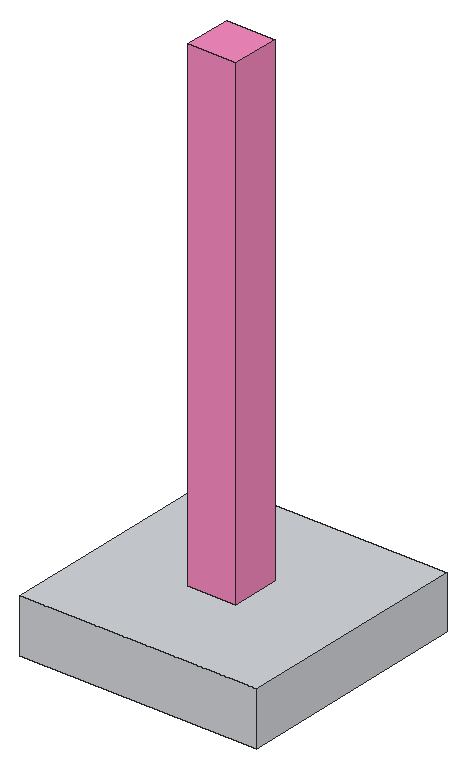
Revit family "SampleFamily2.rvt", category Обобщенные модели, Revit 2021
Family settings
  Основа = Грань
  Может служить основой для арматурных стержней = Нет
  Размер круглого соединителя = Использовать диаметр
  Тип детали = Нормальный
  При загрузке вырезать с полостями = Нет
  Общий = Да
  Точка принадлежности помещению = Нет
Parameters (values of type "Розовый")
  Цвет = Розовый
  Default Elevation = 1219.2 mm
  dz [instance] = 5000 mm
  dy [instance] = 500 mm
  dx [instance] = 500 mm
Types (6, lengths in mm): name | Цвет
  Синий | Синий
  Зелёный | Зелёный
  Красный | Красный
  Жёлтый | Жёлтый
  Фиолетовый | Фиолетовый
  Розовый | Розовый
Reference planes
  plane 1 "По центру (Вперед/Назад)": y = 0
  plane 2: z = 0
  plane 3 "По центру (Влево/Вправо)": x = 0
  plane 4: x = -250
  plane 5: x = 250
  plane 6: y = -250
  plane 7: y = 250
  plane 8: z = 5000
Forms (mm)
  Extrusion 1, solid
    sketch origin (19.2, 0, 0) x (1, 0, 0) y (0, 1, 0)
      loop
        line (-1219.2, 1219.2) -> (-1219.2, -1219.2) -> (1219.2, -1219.2) -> (1219.2, 1219.2) -> (-1219.2, 1219.2)
    from 0 to -550.232
  Extrusion 2, solid, material "Розовый" <- "Цвет"
    sketch origin (0, 0, 0) x (1, 0, 0) y (0, 1, 0)
      loop
        line (-250, -250) -> (250, -250) -> (250, 250) -> (-250, 250) -> (-250, -250)
    from 0 to 5000
Dimensions and locks
  equal spacing: plane 4, plane 3 "По центру (Влево/Вправо)", plane 5
  "dx": plane 4 to plane 5
  equal spacing: plane 7, plane 1 "По центру (Вперед/Назад)", plane 6
  "dy": plane 7 to plane 6
  "dz": plane 8 to plane 2
  aligned and locked: plane 2 to Extrusion 1
  aligned and locked: level to Extrusion 1
  aligned and locked: Extrusion 2 sketch curve to plane 6
  aligned and locked: Extrusion 2 sketch curve to plane 4
  aligned and locked: plane 7 to Extrusion 2 sketch curve
  aligned and locked: plane 5 to Extrusion 2 sketch curve
  aligned and locked: plane 8 to Extrusion 2
Automatic sketch dimensions
  Extrusion 1 sketch curve to Extrusion 1 sketch curve = 2438.4 mm  (x2)
